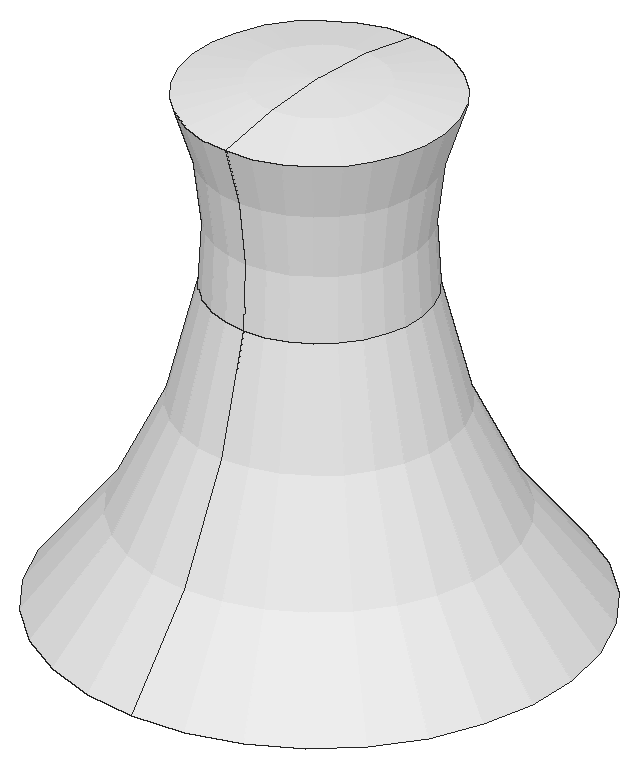
Revit family "Robe Hook-Single-Caroma Elegance", category Specialty Equipment, host Face, Revit 2013
Parameters (values of type "Standard")
  URL = "http://www.caroma.com.au/"
  Type Comments = "Caroma Elegance Robe Hook"  # constant formula
  ModifiedIssue_ANZRS = 1  # constant formula
  Model = "631162C"  # constant formula
  Material_ANZRS = Metal-Chrome-Caroma
  Manufacturer = "GWA Bathrooms & Kitchens"  # constant formula
  Length_ANZRS = 50 mm  # constant formula
  Description = ""
  Default Elevation = 1500 mm
  CreatedBy_ANZRS = "Design Content"  # constant formula
  CreatedByURL_ANZRS = "www.designcontent.com.au"
  Cost = 0
  Assembly Code = "C1030200"
Reference planes
  plane 1 "Center (Elevation)": y = 0
  plane 2 "Back": z = 0
  plane 3 "Center (Left/Right)": x = 0
  plane 4 "Top": y = 24.966
  plane 5 "Front": z = 50
  plane 6 "Left": x = -25
  plane 7 "Right": x = 25
  plane 8 "Bottom": y = -24.966
Forms (mm)
  Revolve 1, solid, material "Metal-Chrome-Caroma" <- "Material_ANZRS"
    sketch origin (0, 0, 0) x (0, 1, 0) y (0, 0, 1)
      loop
        line (0, 0) -> (24.966, 0)
        arc (24.966, 0) -> (15.177, 13.98) -> (10.117, 30.279) r 55.291
        arc (10.117, 30.279) -> (10.042, 39.555) -> (12.496, 48.5) r 33.734
        arc (12.496, 48.5) -> (6.293, 49.624) -> (0, 50) r 52.801
        line (0, 50) -> (0, 0)
      axis (0, 50) -> (0, 0)
    angle from 0 to 360
Dimensions and locks
  aligned and locked: plane 2 "Back" to host face
  aligned and locked: level to host face
